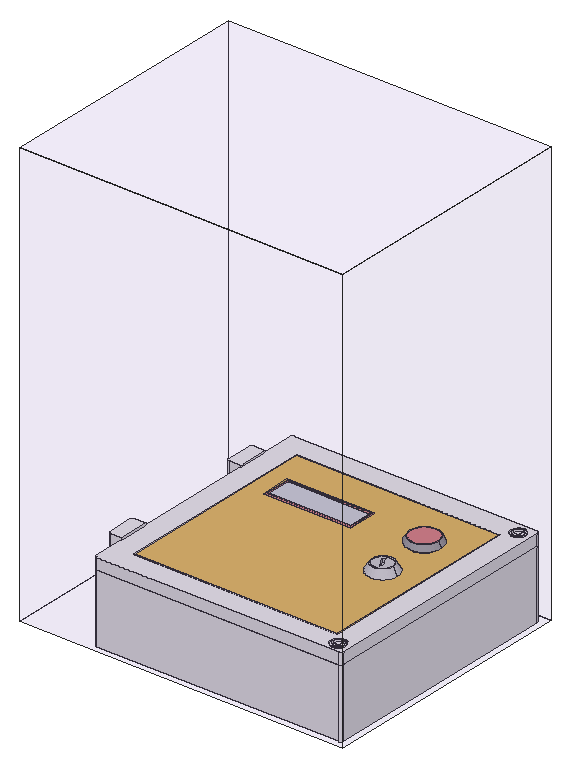
Revit family "SG - Serviceguard Panel", category Electrical Equipment, host Face, Revit 2019
Family settings
  Host = Face
  Panel Configuration = Two Columns, Circuits Across
  Round Connector Dimension = Use Diameter
  Part Type = Panelboard
  Cut with Voids When Loaded = No
  Shared = No
  Room Calculation Point = No
Parameters
  Default Elevation = 1219.2 mm
Reference planes
  plane 1 "Center (Front/Back)": y = 0
  plane 2: z = 0
  plane 3 "Center (Left/Right)": x = 0
  plane 4: y = 38
  plane 5: x = 48
  plane 6: z = 59
  plane 7: z = 44
  plane 8: x = -44
  plane 9 "Clearance Zone Left": x = -140
  plane 10 "Clearance Zone Top": y = 95
  plane 11 "Clearance Zone Right": x = 95
  plane 12 "Clearance Zone Bottom": y = -95
  plane 13 "Clearance Zone Front": z = 309
Forms (mm)
  Extrusion 1, solid, material "Polycarbonate - White"
    sketch origin (0, 0, 0) x (1, 0, 0) y (0, 1, 0)
      loop
        arc (-88, 90) -> (-89.414, 89.414) -> (-90, 88) r 2
        line (-90, 88) -> (-90, -88)
        arc (-90, -88) -> (-89.414, -89.414) -> (-88, -90) r 2
        line (-88, -90) -> (88, -90)
        arc (88, -90) -> (89.414, -89.414) -> (90, -88) r 2
        line (90, -88) -> (90, 88)
        arc (90, 88) -> (89.414, 89.414) -> (88, 90) r 2
        line (88, 90) -> (-88, 90)
    from 0 to 50
  Extrusion 2, solid, material "Polycarbonate - White"
    sketch origin (0, 0, 50) x (1, 0, 0) y (0, 1, 0)
      loop
        arc (-88, 90) -> (-89.414, 89.414) -> (-90, 88) r 2
        line (-90, 88) -> (-90, -88)
        arc (-90, -88) -> (-89.414, -89.414) -> (-88, -90) r 2
        line (-88, -90) -> (88, -90)
        arc (88, -90) -> (89.414, -89.414) -> (90, -88) r 2
        line (90, -88) -> (90, 88)
        arc (90, 88) -> (89.414, 89.414) -> (88, 90) r 2
        line (88, 90) -> (-88, 90)
      loop
        line (74, 74) -> (-74, 74) -> (-74, -74) -> (74, -74) -> (74, 74)
      loop
        circle (81.392, 82) r 5.5
      loop
        circle (81.392, -82) r 5.5
    from 0 to 8
  Extrusion 3, solid, material "Glass"
    sketch origin (0, 5.097, 50) x (1, 0, 0) y (0, 1, 0)
      loop
        line (-58.723, 41.903) -> (-58.723, 23.903) -> (1.277, 23.903) -> (1.277, 41.903) -> (-58.723, 41.903)
    from 7.153 to 8
  Extrusion 4, solid, material "Plastic Sticker"
    sketch origin (0, 0, 50) x (1, 0, 0) y (0, 1, 0)
      loop
        line (-74, 74) -> (-74, -74) -> (74, -74) -> (74, 74) -> (-74, 74)
      loop
        line (-60.223, 48.463) -> (-60.223, 27.5) -> (2.777, 27.5) -> (2.777, 48.463) -> (-60.223, 48.463)
      loop
        circle (48, 38) r 7.902
      loop
        circle (48, 0) r 10
    from 0 to 8
  Extrusion 5, solid
    sketch origin (0, 0, 50) x (1, 0, 0) y (0, 1, 0)
      loop
        line (-58.723, 47) -> (-58.723, 29) -> (1.277, 29) -> (1.277, 47) -> (-58.723, 47)
    from 2.849 to 8
  Extrusion 6, solid, material "Polycarbonate - White"
    sketch origin (0, 27, 50) x (1, 0, 0) y (0, 1, 0)
      loop
        line (-90, 38) -> (-98, 38)
        arc (-98, 38) -> (-99.414, 37.414) -> (-100, 36) r 2
        line (-100, 36) -> (-100, 18)
        arc (-100, 18) -> (-99.414, 16.586) -> (-98, 16) r 2
        line (-98, 16) -> (-90, 16) -> (-90, 38)
    from -6 to 9
  Extrusion 7, solid, material "Polycarbonate - White"
    sketch origin (0, 27, 33) x (0, -1, 0) y (-1, 0, 0)
      loop
        line (-38, 90) -> (-16, 90) -> (-16, 98)
        arc (-16, 98) -> (-16.586, 99.414) -> (-18, 100) r 2
        line (-18, 100) -> (-36, 100)
        arc (-36, 100) -> (-37.414, 99.414) -> (-38, 98) r 2
        line (-38, 98) -> (-38, 90)
    from -6 to 9
  Extrusion 8, solid, material "Polycarbonate - White"
    sketch origin (0, 27, 48) x (0, -1, 0) y (-1, 0, 0)
      loop
        line (-38, 90) -> (-16, 90) -> (-16, 98)
        arc (-16, 98) -> (-16.586, 99.414) -> (-18, 100) r 2
        line (-18, 100) -> (-36, 100)
        arc (-36, 100) -> (-37.414, 99.414) -> (-38, 98) r 2
        line (-38, 98) -> (-38, 90)
    from 4 to 9
  Extrusion 9, solid, material "Polycarbonate - White"
    sketch origin (0, 0, 50) x (1, 0, 0) y (0, 1, 0)
      loop
        circle (81.392, 82) r 5
      loop
        circle (81.392, 82) r 4
    from 0 to 8
  Extrusion 10, solid, material "Polycarbonate - White"
    sketch origin (0, 0, 50) x (1, 0, 0) y (0, 1, 0)
      loop
        circle (81.392, -82) r 5
      loop
        circle (81.392, -82) r 4
    from 0 to 8
  Extrusion 11, solid, material "Polycarbonate - White"
    sketch origin (0, 0, 58) x (1, 0, 0) y (0, 1, 0)
      loop
        line (81.392, 85.5) -> (81.392, 82) -> (84.892, 82)
        arc (84.892, 82) -> (83.867, 84.475) -> (81.392, 85.5) r 3.5
    from -8 to -1
  Extrusion 12, solid, material "Polycarbonate - White"
    sketch origin (162.784, 0, 58) x (-1, 0, 0) y (0, -1, 0)
      loop
        arc (81.392, -85.5) -> (83.867, -84.475) -> (84.892, -82) r 3.5
        line (84.892, -82) -> (81.392, -82) -> (81.392, -85.5)
    from -8 to -1
  Extrusion 13, solid, material "Polycarbonate - White"
    sketch origin (0, 164, 58) x (1, 0, 0) y (0, 1, 0)
      loop
        arc (81.392, -85.5) -> (83.867, -84.475) -> (84.892, -82) r 3.5
        line (84.892, -82) -> (81.392, -82) -> (81.392, -85.5)
    from -8 to -1
  Extrusion 14, solid, material "Polycarbonate - White"
    sketch origin (162.784, 164, 58) x (-1, 0, 0) y (0, -1, 0)
      loop
        line (81.392, 85.5) -> (81.392, 82) -> (84.892, 82)
        arc (84.892, 82) -> (83.867, 84.475) -> (81.392, 85.5) r 3.5
    from -8 to -1
  Extrusion 15, solid, material "Polycarbonate - White"
    sketch origin (0, 0, 58) x (1, 0, 0) y (0, 1, 0)
      loop
        arc (81.392, -85.5) -> (83.867, -84.475) -> (84.892, -82) r 3.5
        line (84.892, -82) -> (81.392, -82) -> (81.392, -85.5)
    from -8 to -1
  Extrusion 16, solid, material "Polycarbonate - White"
    sketch origin (162.784, 0, 58) x (-1, 0, 0) y (0, -1, 0)
      loop
        line (81.392, 85.5) -> (81.392, 82) -> (84.892, 82)
        arc (84.892, 82) -> (83.867, 84.475) -> (81.392, 85.5) r 3.5
    from -8 to -1
  Extrusion 17, solid, material "Polycarbonate - White"
    sketch origin (0, -164, 58) x (1, 0, 0) y (0, 1, 0)
      loop
        line (81.392, 85.5) -> (81.392, 82) -> (84.892, 82)
        arc (84.892, 82) -> (83.867, 84.475) -> (81.392, 85.5) r 3.5
    from -8 to -1
  Extrusion 18, solid, material "Polycarbonate - White"
    sketch origin (162.784, -164, 58) x (-1, 0, 0) y (0, -1, 0)
      loop
        arc (81.392, -85.5) -> (83.867, -84.475) -> (84.892, -82) r 3.5
        line (84.892, -82) -> (81.392, -82) -> (81.392, -85.5)
    from -8 to -1
  Extrusion 19, solid, material "Polycarbonate - White"
    sketch origin (0, -27, 50) x (1, 0, 0) y (0, 1, 0)
      loop
        line (-90, -38) -> (-90, -16) -> (-98, -16)
        arc (-98, -16) -> (-99.414, -16.586) -> (-100, -18) r 2
        line (-100, -18) -> (-100, -36)
        arc (-100, -36) -> (-99.414, -37.414) -> (-98, -38) r 2
        line (-98, -38) -> (-90, -38)
    from -6 to 9
  Extrusion 20, solid, material "Polycarbonate - White"
    sketch origin (0, -27, 33) x (0, -1, 0) y (-1, 0, 0)
      loop
        line (38, 90) -> (38, 98)
        arc (38, 98) -> (37.414, 99.414) -> (36, 100) r 2
        line (36, 100) -> (18, 100)
        arc (18, 100) -> (16.586, 99.414) -> (16, 98) r 2
        line (16, 98) -> (16, 90) -> (38, 90)
    from -6 to 9
  Extrusion 21, solid, material "Polycarbonate - White"
    sketch origin (0, -27, 48) x (0, -1, 0) y (-1, 0, 0)
      loop
        line (38, 90) -> (38, 98)
        arc (38, 98) -> (37.414, 99.414) -> (36, 100) r 2
        line (36, 100) -> (18, 100)
        arc (18, 100) -> (16.586, 99.414) -> (16, 98) r 2
        line (16, 98) -> (16, 90) -> (38, 90)
    from 4 to 9
  Extrusion 22, solid, material "Aluminum - Anodized Rough (Red)"
    sketch origin (0, 0, 58) x (1, 0, 0) y (0, 1, 0)
      loop
        line (-60.223, 48.5) -> (-60.223, 27.5) -> (2.777, 27.5) -> (2.777, 48.5) -> (-60.223, 48.5)
      loop
        line (-58.723, 47) -> (-58.723, 29) -> (1.277, 29) -> (1.277, 47) -> (-58.723, 47)
    from -0.847 to 0
  Extrusion 23, solid, material "Clearance Zones"
    sketch origin (0, 0, 58) x (1, 0, 0) y (0, 1, 0)
      loop
        line (-140, 95) -> (-140, -95) -> (95, -95) -> (95, 95) -> (-140, 95)
    from -58 to 251
Dimensions and locks
  locked: Extrusion 2 to plane 11 "Clearance Zone Right" at 5
  locked: plane 10 "Clearance Zone Top" to Extrusion 2 at 5
  locked: Extrusion 2 to plane 12 "Clearance Zone Bottom" at 5
  locked: plane 9 "Clearance Zone Left" to Extrusion 2 at 50
  locked: plane 13 "Clearance Zone Front" to host face at 309
  aligned and locked: plane 2 to host face
  aligned and locked: level to host face
Nested families
  nested 1: "Generic Flamefast EM Stop" at (48, 38, 60.168), type "Generic Flamefast EM Stop"
  nested 2: "Generic Flamefast Key Switch" at (48, 0, 58), type "Generic Flamefast Key Switch"
Connectors
  electrical at (0, 0, 0)
    settings: on Extrusion 1, index 1, voltage 240 V, apparent load 0 VA, apparent load phase1 10 VA, apparent load phase2 0 VA, apparent load phase3 0 VA, power factor 1, load classification "Other", number of poles 1, system type 31, power factor state 1, is connector primary yes, connector utility no, sub classification motor no, connector description ""
Definition of nested family "Generic Flamefast EM Stop"
  Reference planes
    plane 1 "Center (Front/Back)": y = 0
    plane 2: z = 0
    plane 3 "Center (Left/Right)": x = 0
  Forms (mm)
    Blend 1, solid
      base sketch origin (0, 0, 0) x (1, 0, 0) y (0, 1, 0)
        loop
          circle (0, 0) r 12.5
      top sketch origin (0, 0, 0) x (1, 0, 0) y (0, 1, 0)
        loop
          circle (0, 0) r 10.5
      from 0 to 3.5
    Extrusion 2, solid
      sketch origin (0, 0, 5.342) x (0, 1, 0) y (1, 0, 0)
        loop
          circle (0, 0) r 10
      from 1.7 to 4
    Extrusion 3, solid
      sketch origin (0, 0, 1.832) x (0, 1, 0) y (1, 0, 0)
        loop
          circle (0, 0) r 10
      from 1.832 to 4
    Extrusion 4, void
      sketch origin (0, 0, 0) x (1, 0, 0) y (0, 1, 0)
        loop
          circle (0, 0) r 10.5
        loop
          circle (0, 0) r 10
      from 0 to 3.5
  Cuts and joins
    Extrusion 4 cuts Blend 1
  Dimensions and locks
    aligned and locked: level to plane 2
Definition of nested family "Generic Flamefast Key Switch"
  Reference planes
    plane 1 "Center (Front/Back)": y = 0
    plane 2: z = 0
    plane 3 "Center (Left/Right)": x = 0
  Forms (mm)
    Blend 1, solid
      base sketch origin (0, 0, 0) x (1, 0, 0) y (0, 1, 0)
        loop
          circle (0, 0) r 11
      top sketch origin (0, 0, 0) x (1, 0, 0) y (0, 1, 0)
        loop
          circle (0, 0) r 7.75
      from 0 to 5
    Extrusion 2, void
      sketch origin (0, 0, 0) x (1, 0, 0) y (0, 1, 0)
        loop
          line (1.042, -4.306) -> (3.208, -3.056) -> (-1.042, 4.306) -> (-3.208, 3.056) -> (1.042, -4.306)
      from 3 to 5
    Extrusion 3, void
      sketch origin (0, 0, 0) x (1, 0, 0) y (0, 1, 0)
        loop
          circle (0, 0) r 7.5
        loop
          circle (0, 0) r 7.25
      from 0 to 5
  Cuts and joins
    Extrusion 2, Extrusion 3 cuts Blend 1
  Dimensions and locks
    aligned and locked: level to plane 2
